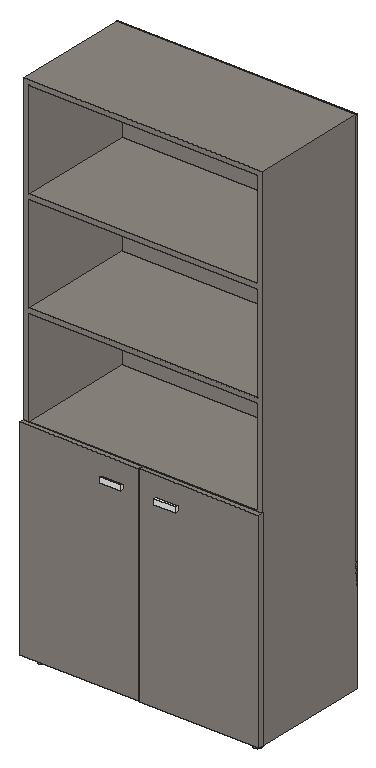
Revit family "Шкаф для документов полузакрытый Юнитекс ПФ", category Оборудование, Revit 2017
Family settings
  Размер круглого соединителя = Использовать диаметр
  Тип детали = Нормальный
  Номер OmniClass = 23.40.20.00
  Заголовок OmniClass = General Furniture and Specialties
  На основе рабочей плоскости = Нет
  Всегда вертикально = Да
  При загрузке вырезать с полостями = Нет
  Общий = Нет
  Точка расчета площади = Нет
Parameters
  Ширина = 900 mm
  Примечание = ""
  Позиция = ""
  Обозначение = "ПФ 782"
  Наименование = "Шкаф для документов полузакрытый"
  Масса = ""
  Код оборудования = ""
  Изготовитель = "Severin"
  Завод = "Юнитекс"
  Единицы = "шт."
  Глубина = 460 mm
  Высота = 1970 mm
Reference planes
  plane 1 "По центру (Вперед/Назад)": y = -341.849
  plane 2: z = -22.654
  plane 3 "По центру (Влево/Вправо)": x = -698.937
  plane 4: y = 118.151
  plane 5: x = 201.063
  plane 6: z = 1947.346
  plane 7: x = -248.937
  plane 8: z = 7.346
  plane 9: y = -323.849
  plane 10: y = 100.151
Forms (mm)
  Extrusion 1, solid, material "Орех", detail levels fine
    sketch origin (0, -341.849, 0) x (1, 0, 0) y (0, 0, 1)
      loop
        line (201.063, 7.346) -> (201.063, 1947.346) -> (-698.937, 1947.346) -> (-698.937, 7.346) -> (201.063, 7.346)
      loop
        line (-680.937, 1929.346) -> (-680.937, 1561.346) -> (183.063, 1561.346) -> (183.063, 1929.346) -> (-680.937, 1929.346)
      loop
        line (-680.937, 25.346) -> (183.063, 25.346) -> (183.063, 391.346) -> (-680.937, 391.346) -> (-680.937, 25.346)
      loop
        line (183.063, 409.346) -> (183.063, 775.346) -> (-680.937, 775.346) -> (-680.937, 409.346) -> (183.063, 409.346)
      loop
        line (183.063, 793.346) -> (183.063, 1159.346) -> (-680.937, 1159.346) -> (-680.937, 793.346) -> (183.063, 793.346)
      loop
        line (183.063, 1177.346) -> (183.063, 1543.346) -> (-680.937, 1543.346) -> (-680.937, 1177.346) -> (183.063, 1177.346)
    from -460 to -18
  Extrusion 2, solid, material "Орех", detail levels fine
    sketch origin (1151.063, -1524, 1947.346) x (0, -1, 0) y (-1, 0, 0)
      loop
        line (-1642.151, 1850) -> (-1642.151, 950) -> (-1640.068, 950) -> (-1640.068, 1850) -> (-1642.151, 1850)
    from 0 to 1940
  Extrusion 3, solid, material "Орех", detail levels fine
    sketch origin (-1142.095, -1524, 7.346) x (-1, 0, 0) y (0, -1, 0)
      loop
        line (-443.157, -1200.151) -> (-443.157, -1182.151) -> (-891.907, -1182.151) -> (-891.907, -1200.151) -> (-443.157, -1200.151)
      loop
        line (-1343.157, -1200.151) -> (-894.407, -1200.151) -> (-894.407, -1182.151) -> (-1343.157, -1182.151) -> (-1343.157, -1200.151)
    from 0 to 786
  Extrusion 4, solid, material "Алюминий 1100-H14", detail levels fine
    sketch origin (-218.937, -336.378, 818.147) x (1, 0, 0) y (0, 0, 1)
      loop
        line (-93.409, -119.024) -> (-93.409, -99.024) -> (-173.409, -99.024) -> (-173.409, -119.024) -> (-93.409, -119.024)
      loop
        line (33.409, -119.024) -> (113.409, -119.024) -> (113.409, -99.024) -> (33.409, -99.024) -> (33.409, -119.024)
    from 0 to 15
  Extrusion 5, solid, material "Пластмасса, непрозрачная, черная", detail levels fine
    sketch origin (0, 0, -22.654) x (1, 0, 0) y (0, 1, 0)
      loop
        circle (-653.531, 83.422) r 15
      loop
        circle (-653.531, -291.578) r 15
      loop
        circle (155.656, 83.422) r 15
      loop
        circle (155.656, -291.578) r 15
    from 0 to 30
Lines and regions (mm)
  symbolic lines
    curve 1: line (201.063, -341.849, 1947.346) -> (-698.937, -341.849, 1947.346)
    curve 2: line (201.063, 118.151, 1947.346) -> (201.063, -341.849, 1947.346)
    curve 3: line (-698.937, 118.151, 1947.346) -> (201.063, 118.151, 1947.346)
    curve 4: line (-698.937, -341.849, 1947.346) -> (-698.937, 118.151, 1947.346)
    curve 5: line (-698.937, -341.849, 1947.346) -> (-248.937, 118.151, 1947.346)
    curve 6: line (-248.937, 118.151, 1947.346) -> (201.063, -341.849, 1947.346)
Dimensions and locks
  "Ширина": plane 3 "По центру (Влево/Вправо)" to plane 5
  "Глубина": plane 1 "По центру (Вперед/Назад)" to plane 4
  "Высота": plane 6 to level
  equal spacing: plane 3 "По центру (Влево/Вправо)", plane 7, plane 5
  Extrusion 1 sketch curve to Extrusion 1 sketch curve = 1904 mm
  aligned and locked: level to plane 2
  aligned and locked: plane 8 to Extrusion 1 sketch curve
  aligned and locked: plane 5 to Extrusion 1 sketch curve
  aligned and locked: plane 6 to Extrusion 1 sketch curve
  aligned and locked: plane 3 "По центру (Влево/Вправо)" to Extrusion 1 sketch curve
  aligned and locked: Extrusion 1 to plane 4
  aligned and locked: Extrusion 1 to plane 9
  aligned and locked: Extrusion 2 sketch curve to Extrusion 1
  aligned and locked: Extrusion 2 sketch curve to plane 5
  aligned and locked: Extrusion 2 to plane 8
  aligned and locked: Extrusion 3 sketch curve to Extrusion 1
  aligned and locked: Extrusion 3 sketch curve to plane 1 "По центру (Вперед/Назад)"
  aligned and locked: curve 2 to plane 5
  aligned and locked: curve 3 to Extrusion 1
  aligned and locked: curve 4 to Extrusion 1
  aligned and locked: plane 8 to Extrusion 5
  aligned and locked: Extrusion 3 to Extrusion 1
Automatic sketch dimensions
  plane 8 to Extrusion 1 sketch curve = 18 mm
  Extrusion 1 sketch curve to Extrusion 1 sketch curve = 18 mm  (x4)
  Extrusion 1 sketch curve to Extrusion 1 sketch curve = 366 mm  (x3)
  plane 8 to Extrusion 1 sketch curve = 384 mm
  Extrusion 2 sketch curve to plane 3 "По центру (Влево/Вправо)" = 0 mm
  Extrusion 2 sketch curve to Extrusion 2 sketch curve = 2.084 mm
  plane 3 "По центру (Влево/Вправо)" to Extrusion 1 sketch curve = 18 mm  (x4)
  Extrusion 1 sketch curve to Extrusion 1 sketch curve = 0 mm  (x5)
  plane 5 to Extrusion 1 sketch curve = 18 mm
  plane 1 "По центру (Вперед/Назад)" to Extrusion 3 sketch curve = 0 mm
  Extrusion 3 sketch curve to plane 5 = 0 mm
  Extrusion 3 sketch curve to plane 9 = 0 mm
  Extrusion 3 sketch curve to plane 3 "По центру (Влево/Вправо)" = 0 mm
  plane 7 to Extrusion 3 sketch curve = 1.25 mm
  Extrusion 3 sketch curve to plane 7 = 1.25 mm
  Extrusion 4 sketch curve to Extrusion 4 sketch curve = 80 mm  (x2)
  Extrusion 4 sketch curve to Extrusion 4 sketch curve = 20 mm  (x2)
  curve 6 to plane 7 = 0 mm
  plane 3 "По центру (Влево/Вправо)" to Extrusion 5 sketch curve = 45.407 mm  (x2)
  Extrusion 5 sketch curve to plane 10 = 16.729 mm  (x2)
  plane 5 to Extrusion 5 sketch curve = 45.407 mm  (x2)
  plane 9 to Extrusion 5 sketch curve = 32.271 mm  (x2)
  plane 1 "По центру (Вперед/Назад)" to curve 6 = 0 mm
  Extrusion 4 sketch curve to plane 7 = 143.409 mm
  plane 7 to Extrusion 4 sketch curve = 63.409 mm
  plane 8 to Extrusion 4 sketch curve = 691.777 mm
  Extrusion 4 sketch curve to Extrusion 4 sketch curve = 0 mm
  radius of Extrusion 5 sketch curve = 15 mm  (x4)
